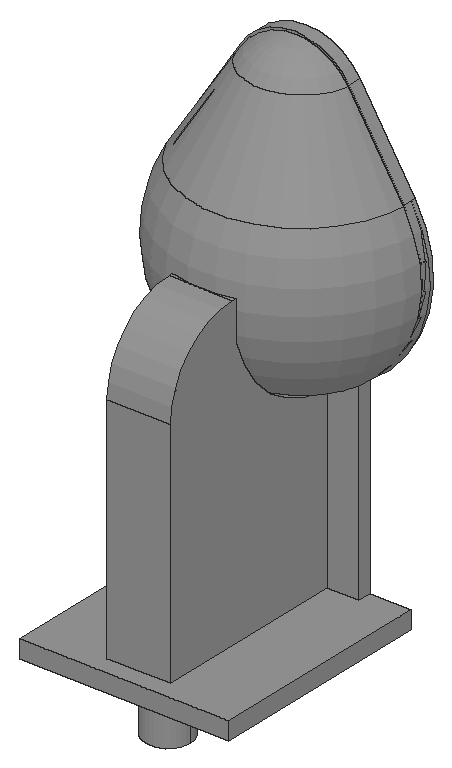
Revit family "Toilet-Willoughby-1490-ETWS-OF-TS", category Plumbing Fixtures, host Face, Revit 2014
Parameters (values of type "Standard")
  Waste DIA = 2 1/2"
  Waste Connection = yes
  W-RAD [instance] = Waste DIA / 2  # 0' - 1 1/4"
  Vent Connection = no
  URL = "www.willoughby-ind.com"
  Type Comments = "Siphon Jet Flush"
  Revision = "A"
  Model = "ETWS-1490-OF-TS"
  Manufacturer = "Willoughby Industries"
  HW Connection = no
  Flush inlet DIA [instance] = 1 1/2"
  Flush Inlet Connection = yes
  Fixture Body = Stainless Steel AISI 304-Willoughby
  F-RAD [instance] = Flush inlet DIA / 2  # 0' - 0 3/4"
  Description = "Off Floor Mounted Toilet"
  Default Elevation = 0' - 0"
  Contact Number = "(800) 428-4065"
  CW Connection = no
Reference planes (in)
  plane 1 "Base": y = -16.25
  plane 2: z = 0
  plane 3 "Center": x = 18.31072
  plane 4: y = -1.25
  plane 5: y = -2.125
  plane 6: y = -13.75
  plane 7: x = 16.56072
  plane 8: x = 20.06072
  plane 9: x = 11.56072
  plane 10: x = 25.06072
  plane 11: z = 2.70924
  plane 12: y = -10.75
  plane 13: x = 12.56072
  plane 14: x = 24.06072
Forms (in)
  Extrusion 1, solid, material "Stainless Steel AISI 304-Willoughby" <- "Fixture Body"
    sketch origin (16.08109, 7.47968, -5.1422) x (-1, 0, 0) y (0, 0, -1)
      loop
        line (1.29775, -16.80087) -> (1.29775, -5.1422) -> (-5.72963, -5.1422) -> (-5.72963, -16.81676)
        arc (-5.72963, -16.81676) -> (-8.98136, -21.11843) -> (-8.21015, -26.45542) r 7
        line (-8.21015, -26.45542) -> (-5.16818, -31.31054)
        arc (-5.16818, -31.31054) -> (-2.20225, -32.95225) -> (0.76368, -31.31054) r 3.5
        line (0.76368, -31.31054) -> (3.80565, -26.45542)
        arc (3.80565, -26.45542) -> (4.5729, -21.10311) -> (1.29775, -16.80087) r 7
      loop
        arc (2.03989, -24.70557) -> (-2.20225, -18.23804) -> (-6.44438, -24.70557) r 4.625
        line (-6.44438, -24.70557) -> (-4.04125, -30.23842)
        arc (-4.04125, -30.23842) -> (-2.20225, -31.45225) -> (-0.36324, -30.23842) r 2
        line (-0.36324, -30.23842) -> (2.03989, -24.70557)
    from 8.72968 to 9.5
  Revolve 2, solid, material "Stainless Steel AISI 304-Willoughby" <- "Fixture Body"
    sketch origin (19.37246, -1.52032, -1.93826) x (-1, 0, 0) y (0, 0, -1)
      loop
        line (1.06174, -12.59906) -> (1.06174, -12.84906)
        arc (1.06174, -12.84906) -> (6.96784, -16.33096) -> (6.78077, -23.18447) r 6.75
        line (6.78077, -23.18447) -> (3.81535, -27.91457)
        arc (3.81535, -27.91457) -> (2.63527, -29.03194) -> (1.06174, -29.43826) r 3.25
        line (1.06174, -29.43826) -> (1.06174, -29.68826)
        arc (1.06174, -29.68826) -> (2.75672, -29.25045) -> (4.02767, -28.04656) r 3.5
        line (4.02767, -28.04656) -> (7.06964, -23.19143)
        arc (7.06964, -23.19143) -> (7.15052, -16.14555) -> (1.06174, -12.59906) r 7
      axis (1.06174, -12.59906) -> (1.06174, -29.68826)
    angle from 0 to -180
  Extrusion 3, solid, material "Stainless Steel AISI 304-Willoughby" <- "Fixture Body"
    sketch origin (19.53334, -3.02032, -2.9508) x (0, 1, 0) y (0, 0, 1)
      loop
        line (-5.27082, 2.9508) -> (1, 2.9508) -> (1, 13.76086)
        arc (1, 13.76086) -> (-2.93256, 15.26109) -> (-5.27082, 18.76086) r 6.92744
        line (-5.27082, 18.76086) -> (-5.27082, 2.9508)
    from 0.52738 to -2.97262
  Extrusion 4, solid, material "Stainless Steel AISI 304-Willoughby" <- "Fixture Body"
    sketch origin (17.03334, 25.08792, -2.30581) x (0, 1, 0) y (0, 0, 1)
      loop
        line (-33.37906, 2.30581) -> (-33.37906, 20.30581) -> (-33.56217, 20.30581)
        arc (-33.56217, 20.30581) -> (-36.58558, 19.05347) -> (-37.83792, 16.03006) r 4.27575
        line (-37.83792, 16.03006) -> (-37.83792, 2.30581) -> (-33.37906, 2.30581)
    from -0.47262 to 3.02738
  Extrusion 5, solid, material "Stainless Steel AISI 304-Willoughby" <- "Fixture Body"
    sketch origin (0, 14.59309, 0) x (1, 0, 0) y (0, 1, 0)
      loop
        circle (18.31072, -25.34309) r 1.25
    from 1 to -3
  Extrusion 6, solid, material "Stainless Steel AISI 304-Willoughby" <- "Fixture Body"
    sketch origin (0, 1.11185, 0) x (1, 0, 0) y (0, 0, 1)
      loop
        circle (18.31072, 2.70924) r 0.75
    from 2.36185 to 1.42435
  Extrusion 7, solid, material "Stainless Steel AISI 304-Willoughby" <- "Fixture Body"
    sketch origin (0, -16.25, 0) x (1, 0, 0) y (0, 0, 1)
      loop
        line (24.06072, 0) -> (24.06072, 1) -> (12.56072, 1) -> (12.56072, 0) -> (24.06072, 0)
    from -15 to -2.5
Cuts and joins
  joined: Extrusion 1, Extrusion 3, Extrusion 4, Extrusion 7
Lines and regions (in)
  symbolic lines
    curve 1: line (11.28334, -2.02032, 0) -> (11.28334, -1.25, 0)
    curve 2: line (11.28334, -1.25, 0) -> (25.28334, -1.25, 0)
    curve 3: line (25.28334, -1.25, 0) -> (25.28334, -2.02032, 0)
    curve 4: arc (25.28334, -2.02032, 0) -> (23.08047, -6.64769, 0) -> (18.31072, -8.52239, 0) r 6.97838
    curve 5: arc (18.31072, -8.52239, 0) -> (13.52655, -6.64447, 0) -> (11.28334, -2.02032, 0) r 7.06011
    curve 6: line (24.06072, -5.51341, 0) -> (24.06072, -13.75, 0)
    curve 7: line (24.06072, -13.75, 0) -> (12.56072, -13.75, 0)
    curve 8: line (12.56072, -13.75, 0) -> (12.56072, -5.54398, 0)
    curve 9: line (20.06072, -8.30213, 0) -> (20.06072, -12.75, 0)
    curve 10: line (20.06072, -12.75, 0) -> (16.56072, -12.75, 0)
    curve 11: line (16.56072, -12.75, 0) -> (16.56072, -8.29935, 0)
    curve 12: line (14.78334, -16.25, 11.65867) -> (14.78334, -16.25, 1)
    curve 13: line (14.78334, -16.25, 1) -> (12.56072, -16.25, 1)
    curve 14: line (12.56072, -16.25, 1) -> (12.56072, -16.25, 0)
    curve 15: line (12.56072, -16.25, 0) -> (24.06072, -16.25, 0)
    curve 16: line (24.06072, -16.25, 0) -> (24.06072, -16.25, 1)
    curve 17: line (24.06072, -16.25, 1) -> (21.81072, -16.25, 1)
    curve 18: line (21.81072, -16.25, 1) -> (21.81072, -16.25, 11.67456)
    curve 19: arc (21.81072, -16.25, 11.67456) -> (25.08856, -16.25, 15.96952) -> (24.29124, -16.25, 21.31322) r 6.93708
    curve 20: line (24.29124, -16.25, 21.31322) -> (21.24927, -16.25, 26.16835)
    curve 21: arc (21.24927, -16.25, 26.16835) -> (19.98923, -16.25, 27.34792) -> (18.31072, -16.25, 27.75) r 3.37397
    curve 22: arc (18.31072, -16.25, 27.75) -> (16.62601, -16.25, 27.29363) -> (15.34479, -16.25, 26.1083) r 3.65651
    curve 23: line (15.34479, -16.25, 26.1083) -> (12.38996, -16.25, 21.49816)
    curve 24: arc (12.38996, -16.25, 21.49816) -> (11.48166, -16.25, 16.06639) -> (14.78334, -16.25, 11.65867) r 7
    curve 30: line (18.31072, -1.25, 0) -> (18.31072, -1.25, 27.81005)
    curve 31: line (18.31072, -1.25, 27.81005) -> (18.31072, -2.02032, 27.81005)
    curve 32: arc (18.31072, -2.02032, 27.81005) -> (18.31072, -3.38227, 27.24165) -> (18.31072, -4.41948, 26.1918) r 3.75042
    curve 33: line (18.31072, -4.41948, 26.1918) -> (18.31072, -7.52822, 21.25317)
    curve 34: arc (18.31072, -7.52822, 21.25317) -> (18.31072, -8.24192, 19.69452) -> (18.31072, -8.52278, 18.00341) r 6.49232
    curve 35: arc (18.31072, -8.29114, 18) -> (18.31072, -11.43229, 16.81289) -> (18.31072, -12.75, 13.72425) r 4.28012
    curve 36: line (18.31072, -12.75, 13.72425) -> (18.31072, -12.75, 1)
    curve 37: line (18.31072, -12.75, 1) -> (18.31072, -13.75, 1)
    curve 38: line (18.31072, -13.75, 1) -> (18.31072, -13.75, 0)
    curve 39: line (18.31072, -13.75, 0) -> (18.31072, -1.25, 0)
    curve 40: line (18.31072, -1.25, 1) -> (18.31072, -12.75, 1)
    curve 41: line (18.31072, -2.02032, 1) -> (18.31072, -2.02032, 11.64764)
    curve 42: line (18.31072, -2.02032, 11.64764) -> (18.31072, -1.25, 11.64764)
    curve 43: arc (18.31072, -2.02032, 10.81005) -> (18.31072, -6.0003, 12.3061) -> (18.31072, -8.29114, 15.88806) r 6.73544
    curve 44: line (18.31072, -8.29114, 15.88806) -> (18.31072, -8.29114, 18)
  symbolic lines, detail levels fine
    curve 25: arc (14.0412, -16.25, 19.56337) -> (18.28334, -16.25, 13.09585) -> (22.52547, -16.25, 19.56337) r 4.625
    curve 26: line (22.52547, -16.25, 19.56337) -> (20.06869, -16.25, 25.31026)
    curve 27: line (16.44433, -16.25, 25.09622) -> (14.0412, -16.25, 19.56337)
    curve 28: arc (20.06869, -16.25, 25.31026) -> (19.34621, -16.25, 26.11409) -> (18.28334, -16.25, 26.31005) r 1.67667
    curve 29: arc (18.28334, -16.25, 26.31005) -> (17.18351, -16.25, 25.97635) -> (16.44433, -16.25, 25.09622) r 2.01767
Dimensions and locks (in)
  plane 1 "Base" to plane 4 = 1' - 3"
  plane 1 "Base" to plane 12 = 0' - 5 1/2"
  plane 13 to plane 14 = 0' - 11 1/2"
  plane 1 "Base" to plane 6 = 0' - 2 1/2"
  plane 6 to plane 12 = 0' - 3"
  "W-RAD": radius of Extrusion 5 sketch curve
  "F-RAD": radius of Extrusion 6 sketch curve
  aligned and locked: plane 2 to host face
  aligned and locked: level to host face
  aligned and locked: plane 3 "Center" to Extrusion 5 sketch curve
  aligned and locked: plane 3 "Center" to Extrusion 6 sketch curve
  aligned and locked: plane 11 to Extrusion 6 sketch curve
  aligned and locked: plane 12 to Extrusion 5 sketch curve
  aligned and locked: cut or joined group of Extrusion 1, Extrusion 3, Extrusion 4, Extrusion 7 to cut or joined group of Extrusion 1, Extrusion 3, Extrusion 4, Extrusion 7  (x2)
Automatic sketch dimensions
  host sketch curve to host sketch curve = 3' - 10.66714"
  host sketch curve to host sketch curve = 3' - 1.61225"
  Extrusion 1 sketch curve to Extrusion 1 sketch curve = 0' - 0"  (x8)
  level to Extrusion 1 sketch curve = 0' - 0"
  plane 3 "Center" to Extrusion 1 sketch curve = 0' - 5.98052"
  Extrusion 1 sketch curve to Extrusion 1 sketch curve = 0' - 1.76576"  (x2)
  plane 3 "Center" to Extrusion 1 sketch curve = 0' - 3 1/2"
  plane 3 "Center" to Extrusion 1 sketch curve = 0' - 2.93855"
  Extrusion 1 sketch curve to Extrusion 1 sketch curve = 0' - 1.12693"  (x2)
  Extrusion 1 sketch curve to plane 3 "Center" = 0' - 0.02738"  (x2)
  Extrusion 1 sketch curve to plane 3 "Center" = 0' - 1.86639"
  Extrusion 1 sketch curve to plane 3 "Center" = 0' - 3.52738"
  Extrusion 1 sketch curve to plane 3 "Center" = 0' - 4 69/256"
  Extrusion 1 sketch curve to Extrusion 1 sketch curve = 0' - 11.65867"
  Extrusion 1 sketch curve to Extrusion 1 sketch curve = 0' - 0.01589"
  Extrusion 1 sketch curve to Extrusion 1 sketch curve = 0' - 6.06218"
  Extrusion 1 sketch curve to Extrusion 1 sketch curve = 0' - 1.74985"
  Extrusion 1 sketch curve to Extrusion 1 sketch curve = 0' - 4.74668"
  Extrusion 1 sketch curve to Extrusion 1 sketch curve = 0' - 0.78617"
  Extrusion 1 sketch curve to Extrusion 1 sketch curve = 0' - 1.07212"
  Revolve 2 sketch curve to Revolve 2 sketch curve = 0' - 0"  (x2)
  Revolve 2 sketch curve to plane 3 "Center" = 0' - 0"  (x3)
  plane 3 "Center" to Revolve 2 sketch curve = 0' - 0"
  Revolve 2 sketch curve to plane 3 "Center" = 0' - 2.75361"
  Revolve 2 sketch curve to Revolve 2 sketch curve = 0' - 0.21232"
  Revolve 2 sketch curve to Revolve 2 sketch curve = 0' - 2.96542"
  Revolve 2 sketch curve to Revolve 2 sketch curve = 0' - 0.28887"
  level to Revolve 2 sketch curve = 2' - 3 3/4"
  Revolve 2 sketch curve to Revolve 2 sketch curve = 0' - 0 1/4"
  Revolve 2 sketch curve to Revolve 2 sketch curve = 0' - 1.3917"
  Revolve 2 sketch curve to Revolve 2 sketch curve = 0' - 0.13199"
  Revolve 2 sketch curve to Revolve 2 sketch curve = 0' - 4.85513"
  Revolve 2 sketch curve to Revolve 2 sketch curve = 0' - 0.00696"
  Revolve 2 sketch curve to Revolve 2 sketch curve = 0' - 3 1/4"
  Revolve 2 sketch curve to Revolve 2 sketch curve = 0' - 3.3392"
  Revolve 2 sketch curve to Revolve 2 sketch curve = 0' - 2.4108"
  level to Extrusion 3 sketch curve = 0' - 0"
  plane 5 to Extrusion 3 sketch curve = 0' - 0.10468"
  plane 4 to Extrusion 3 sketch curve = 0' - 0.38413"
  Extrusion 3 sketch curve to Extrusion 3 sketch curve = 0' - 10.81005"
  Extrusion 3 sketch curve to Extrusion 3 sketch curve = 0' - 5"
  Extrusion 4 sketch curve to plane 6 = 0' - 1"
  level to Extrusion 4 sketch curve = 0' - 0"
  Extrusion 4 sketch curve to plane 6 = 0' - 5.27575"
  Extrusion 4 sketch curve to Extrusion 4 sketch curve = 0' - 0.18311"
  Extrusion 4 sketch curve to Extrusion 4 sketch curve = 1' - 1.72425"
  plane 9 to Extrusion 7 sketch curve = 0' - 1"
  Extrusion 7 sketch curve to plane 10 = 0' - 1"
  Extrusion 7 sketch curve to level = 0' - 0"
  level to Extrusion 7 sketch curve = 0' - 1"
  Extrusion 3 sketch curve to Extrusion 3 sketch curve = 0' - 6.27082"
  plane 4 to curve 1 = 0' - 0"
  plane 6 to curve 7 = 0' - 0"
  curve 7 to plane 13 = 0' - 0"
  curve 11 to plane 7 = 0' - 0"
  curve 4 to plane 3 "Center" = 0' - 0"
  curve 5 to plane 3 "Center" = 0' - 0"
  curve 9 to plane 8 = 0' - 0"
  curve 6 to plane 14 = 0' - 0"
  curve 2 to plane 9 = 0' - 0.27738"
  plane 3 "Center" to curve 4 = 0' - 0.01051"
  plane 3 "Center" to curve 5 = 0' - 0.01064"
  curve 9 to plane 6 = 0' - 1"
  plane 5 to curve 1 = 0' - 0.10468"
  plane 5 to curve 3 = 0' - 0.10468"
  curve 5 to curve 11 = 0' - 0.22305"
  curve 24 to curve 25 = 0' - 0"  (x2)
  curve 15 to level = 0' - 0"
  plane 13 to curve 15 = 0' - 0"
  curve 21 to plane 3 "Center" = 0' - 0"
  curve 22 to plane 3 "Center" = 0' - 0"
  plane 14 to curve 16 = 0' - 0"
  plane 13 to curve 23 = 0' - 0.17076"
  curve 27 to plane 13 = 0' - 1 123/256"
  curve 12 to plane 7 = 0' - 1.77738"
  curve 25 to plane 3 "Center" = 0' - 0.02738"
  curve 29 to plane 3 "Center" = 0' - 0.01574"
  plane 3 "Center" to curve 19 = 0' - 0.05966"
  plane 3 "Center" to curve 21 = 0' - 0.07942"
  plane 3 "Center" to curve 22 = 0' - 0.08607"
  plane 3 "Center" to curve 28 = 0' - 0.21627"
  plane 8 to curve 26 = 0' - 0.00797"
  plane 8 to curve 20 = 0' - 1.18855"
  plane 8 to curve 17 = 0' - 1 3/4"
  plane 14 to curve 26 = 0' - 1.53525"
  curve 20 to plane 14 = 0' - 0.23052"
  level to curve 13 = 0' - 1"
  level to curve 17 = 0' - 1"
  plane 11 to curve 12 = 0' - 8.94943"
  curve 12 to curve 18 = 0' - 0.01589"
  curve 18 to curve 19 = 0' - 6.02388"
  curve 19 to curve 25 = 0' - 0.0224"
  curve 26 to curve 20 = 0' - 1.74985"
  curve 26 to curve 22 = 0' - 4.53113"
  curve 22 to curve 29 = 0' - 0.19791"
  curve 29 to curve 21 = 0' - 0.08455"
  curve 21 to curve 28 = 0' - 0.27422"
  curve 26 to curve 21 = 0' - 0.85809"
  curve 27 to plane 7 = 0' - 0.11639"
  curve 29 to plane 3 "Center" = 0' - 0.02738"
  curve 27 to curve 22 = 0' - 1.01207"
  curve 38 to plane 6 = 0' - 0"
  curve 42 to plane 4 = 0' - 0"
  curve 38 to level = 0' - 0"
  curve 40 to plane 6 = 0' - 1"
  curve 35 to plane 12 = 0' - 2.28012"
  curve 33 to plane 12 = 0' - 3.22178"
  curve 33 to plane 5 = 0' - 2.29448"
  plane 5 to curve 34 = 0' - 0.09118"
  plane 5 to curve 42 = 0' - 0.10468"
  plane 5 to curve 31 = 0' - 0.10468"
  plane 5 to curve 43 = 0' - 0.36345"
  plane 4 to curve 32 = 0' - 0.03507"
  level to curve 40 = 0' - 1"
  plane 11 to curve 42 = 0' - 8.9384"
  curve 41 to curve 35 = 0' - 2.07597"
  curve 35 to curve 36 = 0' - 0.00063"
  curve 41 to curve 43 = 0' - 5.89288"
  curve 43 to curve 34 = 0' - 0.25406"
  curve 34 to curve 33 = 0' - 3.45858"
  curve 34 to curve 32 = 0' - 6.33782"
  curve 32 to curve 33 = 0' - 2.05938"
  curve 34 to curve 44 = 0' - 0.23164"
  curve 43 to curve 41 = 0' - 0.83759"
Connectors (in)
  piping at (18.31072, -10.75, -3), diameter 2.5, driven by "W-RAD", driven by "Waste Connection"
    settings: on Extrusion 5, index 1, connector inside diameter 2 1/2", connector length 0' - 0", flow factor 0, pipe flow 0 GPM, pressure drop 0.00 psi, fitting loss kfactor 0, connector angle 0.00°, fixture units 0, engagement length 0' - 0", angle of deflection 0.00°, flow configuration 0, flow direction 2, fitting loss method 0, system type 16, joint type 0, gender type 0, connector reference index -1, connector utility 1, adjustable connector yes, is connector primary yes, connector description "Toilet Waste"
  piping at (18.31072, -0.3125, 2.70924), diameter 1.5, driven by "F-RAD", driven by "Flush Inlet Connection"
    settings: on Extrusion 6, index 2, connector inside diameter 1 1/2", connector length 0' - 0", flow factor 0, pipe flow 0 GPM, pressure drop 0.00 psi, fitting loss kfactor 0, connector angle 0.00°, fixture units 0, engagement length 0' - 0", angle of deflection 0.00°, flow configuration 0, flow direction 1, fitting loss method 0, system type 20, joint type 0, gender type 0, connector reference index -1, connector utility 1, adjustable connector no, is connector primary no, connector description "Flush Inlet"
